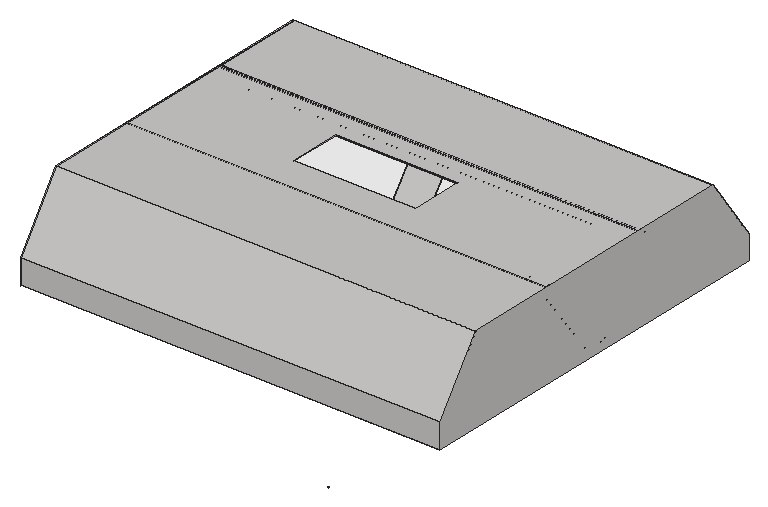
Revit family "QF_ELECTROLUXPROFESSIONAL_642370_BC2224DT", category Attrezzature speciali, Revit 2021
Family settings
  Quota connettore circolare = Usa diametro
  Tipo di parte = Normale
  Basato su piano di lavoro = No
  Sempre verticale = Sì
  Taglio con vuoti quando caricato = No
  Condiviso = No
  Punto di calcolo locali = No
Parameters (values of type "Standard")
  Weight = 93.00 kg
  Watts = 0 W
  Volts = 0 V
  URL Manufacturer = "https://www.electroluxprofessional.com/"
  URL = "https://www.electroluxprofessional.com/"
  Steam Supply Size = 0 mm
  Steam Supply Minimum Pressure = 0.0 Pa
  Steam Supply Maximum Pressure = 0.0 Pa
  Steam Consumption per Hour = 0
  Refrigeration Suction Line Size = 0 mm
  Refrigeration Liquid Line Size = 0 mm
  Refrigerant Compressor Remote = yes
  Prospetto di default = 0 mm
  Produttore = "Electrolux Professional"
  Phase = 0
  Modello = "BC2224DT"
  Length Actual = 2400 mm  # constant formula
  Item Number = "642370"
  Hot Water Size = 0 mm
  Height Actual = 500 mm  # constant formula
  HP = "0 HP"
  Gas Size = 0 mm
  Gas KW = 0
  Gas Input Pressure = 0 W
  Direct Waste Size = 0 mm
  Descrizione = "304 S/S ISLAND HOOD+FILTERS 2400X2200MM"
  Depth Actual = 2200 mm  # constant formula
  Cycle = 0 Hz
  Condensate Return Size = 0 mm
  Compressed Air Volume = 0.0 L/s
  Compressed Air Size = 0 mm
  Compressed Air Pressure = 0.0 Pa
  Cold Water Size = 0 mm
  Accessory = yes
Reference planes
  plane 1: z = 0
  plane 2 "Center (Left/Right)": x = 150
  plane 3 "LEFT": x = -1050
  plane 4 "RIGHT": x = 1350
  plane 5 "BACK": y = 550
  plane 6 "TOP": z = 2500
  plane 7 "Base": z = 2000
  plane 8: z = 1946
  plane 9: x = -1047
  plane 10 "DrainX": x = 1199
  plane 11 "AOLeft2": x = 450
  plane 12: x = 1347
  plane 13: x = -850
  plane 14: x = 1150
  plane 15: x = 50
  plane 16: x = 250
  plane 17 "AOLeft1": x = -250
  plane 18: y = -400
  plane 19: y = -700
  plane 20 "Center (Front/Back)": y = -550
  plane 21: y = -1650
  plane 22: through (0, -601.379, 2046.209) normal (0, 0.8019, 0.5974)
  plane 23: through (0, -498.621, 2046.209) normal (0, 0.8019, -0.5974)
  plane 24: z = 2140
Forms (mm)
  Extrusion 1, solid, material "QF_Finishes_Stainless Steel"
    sketch origin (-1050, 0, 360) x (0, 1, 0) y (0, 0, 1)
      loop
        line (550, 1640) -> (550, 1780) -> (299.446, 2140) -> (-1399.446, 2140) -> (-1650, 1780) -> (-1650, 1640) -> (550, 1640)
    from 0 to 3
  Extrusion 2, solid, material "QF_Finishes_Stainless Steel"
    sketch origin (1350, 0, 360) x (0, 1, 0) y (0, 0, 1)
      loop
        line (550, 1640) -> (550, 1780) -> (299.446, 2140) -> (-1399.446, 2140) -> (-1650, 1780) -> (-1650, 1640) -> (550, 1640)
    from 0 to -3
  Extrusion 3, solid, material "QF_Finishes_Stainless Steel"
    sketch origin (150, 0, 360) x (0, 1, 0) y (0, 0, 1)
      loop
        line (-1399.446, 2140) -> (-1650, 1780) -> (-1650, 1640) -> (-1640, 1640) -> (-1640, 1640.8) -> (-1649.2, 1640.8) -> (-1649.2, 1779.739) -> (-1399.025, 2139.19) -> (299.025, 2139.19) -> (549.2, 1779.739) -> (549.2, 1640.8) -> (540, 1640.8) -> (540, 1640) -> (550, 1640) -> (550, 1780) -> (299.446, 2140) -> (-1399.446, 2140)
    from -1200 to 1200
  Extrusion 4, void
    sketch origin (0, 0, 2500) x (0, 1, 0) y (-1, 0, 0)
      loop
        line (-400, -450) -> (-400, 250) -> (-700, 250) -> (-700, -450) -> (-400, -450)
    from 0 to -10
  Extrusion 5, solid, material "QF_Finishes_Stainless Steel"
    sketch origin (0, 0, 0) x (1, 0, 0) y (0, 1, 0)
      loop
        line (-1050, 550) -> (-1050, 549) -> (-1049, 549) -> (-1049, 550) -> (-1050, 550)
    from 0 to 1
  Extrusion 6, solid, material "QF_Finishes_Stainless Steel"
    sketch origin (150, -400, 360) x (0, 1, 0) y (0, 0, 1)
      loop
        line (-498.883, 2085.553) -> (-201.379, 1686.209) -> (-185.34, 1698.157) -> (-482.844, 2097.501) -> (-498.883, 2085.553)
      loop
        line (198.883, 2085.553) -> (182.844, 2097.501) -> (-114.66, 1698.157) -> (-98.621, 1686.209) -> (198.883, 2085.553)
    from -1000 to -1197
  Extrusion 7, solid, material "QF_Finishes_Stainless Steel"
    sketch origin (150, -400, 360) x (0, 1, 0) y (0, 0, 1)
      loop
        arc (-83.944, 1704.554) -> (-84.545, 1704.706) -> (-85.077, 1704.389) r 0.81
        line (-85.077, 1704.389) -> (-99.535, 1684.991) -> (-116.611, 1687.002) -> (-113.609, 1712.615) -> (-114.407, 1712.708) -> (-117.406, 1687.095)
        arc (-117.406, 1687.095) -> (-117.237, 1686.499) -> (-116.695, 1686.197) r 0.81
        line (-116.695, 1686.197) -> (-99.628, 1684.196)
        arc (-99.628, 1684.196) -> (-99.213, 1684.257) -> (-98.884, 1684.517) r 0.81
        line (-98.884, 1684.517) -> (-84.436, 1703.911) -> (-73.692, 1695.919) -> (-99.855, 1660.79) -> (-200.145, 1660.79) -> (-226.308, 1695.919) -> (-215.564, 1703.911) -> (-201.116, 1684.517)
        arc (-201.116, 1684.517) -> (-200.787, 1684.257) -> (-200.372, 1684.196) r 0.81
        line (-200.372, 1684.196) -> (-183.305, 1686.197)
        arc (-183.305, 1686.197) -> (-182.763, 1686.499) -> (-182.594, 1687.095) r 0.81
        line (-182.594, 1687.095) -> (-185.593, 1712.708) -> (-186.391, 1712.615) -> (-183.389, 1687.002) -> (-200.465, 1684.991) -> (-214.923, 1704.389)
        arc (-214.923, 1704.389) -> (-215.455, 1704.706) -> (-216.056, 1704.554) r 0.81
        line (-216.056, 1704.554) -> (-226.786, 1696.561)
        arc (-226.786, 1696.561) -> (-227.103, 1696.028) -> (-226.951, 1695.427) r 0.81
        line (-226.951, 1695.427) -> (-200.843, 1660.381)
        arc (-200.843, 1660.381) -> (-200.5, 1660.093) -> (-200.063, 1659.99) r 0.972
        line (-200.063, 1659.99) -> (-99.951, 1659.99)
        arc (-99.951, 1659.99) -> (-99.502, 1660.096) -> (-99.149, 1660.393) r 1
        line (-99.149, 1660.393) -> (-73.049, 1695.427)
        arc (-73.049, 1695.427) -> (-72.897, 1696.028) -> (-73.214, 1696.561) r 0.81
        line (-73.214, 1696.561) -> (-83.944, 1704.554)
      loop
        line (-492.735, 2139.19) -> (-492.735, 2129.205) -> (-517.587, 2110.686)
        arc (-517.587, 2110.686) -> (-517.904, 2110.153) -> (-517.752, 2109.552) r 0.81
        line (-517.752, 2109.552) -> (-484.894, 2065.446) -> (-495.625, 2057.438) -> (-495.147, 2056.796) -> (-484.418, 2064.79)
        arc (-484.418, 2064.79) -> (-484.1, 2065.322) -> (-484.252, 2065.923) r 0.81
        line (-484.252, 2065.923) -> (-517.117, 2110.038) -> (-491.935, 2128.798) -> (-491.935, 2138.4) -> (-462.776, 2138.4) -> (-462.776, 2070.563) -> (-461.976, 2069.49) -> (-461.976, 2139.19) -> (-492.735, 2139.19)
      loop
        line (192.735, 2139.19) -> (161.976, 2139.19) -> (161.976, 2069.49) -> (162.776, 2070.563) -> (162.776, 2138.4) -> (191.935, 2138.4) -> (191.935, 2128.798) -> (217.117, 2110.038) -> (184.252, 2065.923)
        arc (184.252, 2065.923) -> (184.1, 2065.322) -> (184.418, 2064.79) r 0.81
        line (184.418, 2064.79) -> (195.147, 2056.796) -> (195.625, 2057.438) -> (184.894, 2065.446) -> (217.752, 2109.552)
        arc (217.752, 2109.552) -> (217.904, 2110.153) -> (217.587, 2110.686) r 0.81
        line (217.587, 2110.686) -> (192.735, 2129.205) -> (192.735, 2139.19)
    from -1197 to 1197
  Extrusion 8, solid, material "QF_Finishes_Stainless Steel"
    sketch origin (150, -400, 360) x (0, 1, 0) y (0, 0, 1)
      loop
        line (-498.883, 2085.553) -> (-201.379, 1686.209) -> (-185.34, 1698.157) -> (-482.844, 2097.501) -> (-498.883, 2085.553)
      loop
        line (198.883, 2085.553) -> (182.844, 2097.501) -> (-114.66, 1698.157) -> (-98.621, 1686.209) -> (198.883, 2085.553)
    from 1197 to 1000
  Extrusion 9, solid, material "QF_Finishes_Stainless Steel"
    sketch origin (150, -400, 360) x (0, 1, 0) y (0, 0, 1)
      loop
        line (-498.883, 2085.553) -> (-201.379, 1686.209) -> (-185.34, 1698.157) -> (-482.844, 2097.501) -> (-498.883, 2085.553)
      loop
        line (198.883, 2085.553) -> (182.844, 2097.501) -> (-114.66, 1698.157) -> (-98.621, 1686.209) -> (198.883, 2085.553)
    from -100 to 100
  Extrusion 10, solid, material "QF_Finished_Chrome"
    sketch origin (150, -400, 360) x (0, 1, 0) y (0, 0, 1)
      loop
        line (-498.883, 2085.553) -> (-201.379, 1686.209) -> (-185.34, 1698.157) -> (-482.844, 2097.501) -> (-498.883, 2085.553)
      loop
        line (198.883, 2085.553) -> (182.844, 2097.501) -> (-114.66, 1698.157) -> (-98.621, 1686.209) -> (198.883, 2085.553)
    from -1000 to -100
  Extrusion 11, solid, material "QF_Finished_Chrome"
    sketch origin (150, -400, 360) x (0, 1, 0) y (0, 0, 1)
      loop
        line (-498.883, 2085.553) -> (-201.379, 1686.209) -> (-185.34, 1698.157) -> (-482.844, 2097.501) -> (-498.883, 2085.553)
      loop
        line (198.883, 2085.553) -> (182.844, 2097.501) -> (-114.66, 1698.157) -> (-98.621, 1686.209) -> (198.883, 2085.553)
    from 100 to 1000
  Sweep 12, solid, material "QF_Finishes_Stainless Steel"
    path origin (0, 0, 0) x (1, 0, 0) y (0, 1, 0)
      loop
        line (1350, 550) -> (-1050, 550) -> (-1050, -1650) -> (1350, -1650) -> (1350, 550)
    profile origin (1350, -550, 0) x (1, 0, 0) y (0, 0, 1)
      loop
        line (-3, 2000) -> (-3, 2000.8) -> (-19, 2000.8) -> (-19, 2010) -> (-20, 2010) -> (-20, 2000) -> (-3, 2000)
  Extrusion 13, solid, material "QF_Finishes_Stainless Steel"
    sketch origin (1199, 0, 0) x (0, 1, 0) y (0, 0, 1)
      loop
        arc (-518.5, 1946) -> (-511.429, 1948.929) -> (-508.5, 1956) r 10
        line (-508.5, 1956) -> (-508.5, 2000.8) -> (-591.5, 2000.8) -> (-591.5, 1956)
        arc (-591.5, 1956) -> (-588.571, 1948.929) -> (-581.5, 1946) r 10
        line (-581.5, 1946) -> (-518.5, 1946)
    from -90 to 90
  Extrusion 14, solid, material "QF_Finishes_Stainless Steel"
    sketch origin (0, -1100, 2000) x (0, 1, 0) y (-1, 0, 0)
      loop
        circle (550, -1199) r 6.35
    from -3.799 to 0
Cuts and joins
  Extrusion 4 cuts Extrusion 3
  joined: Extrusion 2, Extrusion 3, Sweep 12
Lines and regions (mm)
  symbolic lines, style "SpecialityEquipment", detail levels coarse
    curve 1: line (1350, 550, 2500) -> (-1050, 550, 2500)
    curve 2: line (-1050, 550, 2500) -> (-1050, -1650, 2500)
    curve 3: line (1350, -1650, 2500) -> (1350, 550, 2500)
    curve 4: line (-1050, 299.025, 0) -> (1349.504, -1399.025, 0)
    curve 5: line (1349.568, 299.025, 0) -> (-1050, -1399.025, 0)
  symbolic lines, detail levels coarse
    curve 6: line (-250, -700, 0) -> (450, -700, 0)
    curve 7: line (-250, -400, 0) -> (-250, -700, 0)
    curve 8: line (450, -400, 0) -> (-250, -400, 0)
    curve 9: line (450, -700, 0) -> (450, -400, 0)
    curve 10: line (-1050, 299.025, 0) -> (1349.568, 299.025, 0)
    curve 11: line (1349.504, -1399.025, 0) -> (-1050, -1399.025, 0)
    curve 12: line (-1050, -1650, 0) -> (1350, -1650, 0)
Dimensions and locks
  plane 3 "LEFT" to plane 4 "RIGHT" = 2400 mm
  equal spacing: plane 3 "LEFT", plane 2 "Center (Left/Right)", plane 4 "RIGHT"
  plane 3 "LEFT" to plane 9 = 3 mm
  plane 10 "DrainX" to plane 4 "RIGHT" = 151 mm
  plane 12 to plane 4 "RIGHT" = 3 mm
  plane 3 "LEFT" to plane 13 = 200 mm
  plane 14 to plane 4 "RIGHT" = 200 mm
  locked: plane 7 "Base" to level at 2000
  locked: plane 15 to plane 16 at 200
  equal spacing: plane 15, plane 2 "Center (Left/Right)", plane 16
  plane 7 "Base" to plane 8 = 54 mm
  locked: plane 6 "TOP" to plane 7 "Base" at 500
  plane 5 "BACK" to plane 21 = 2200 mm  (x2)
  equal spacing: plane 5 "BACK", plane 20 "Center (Front/Back)", plane 21
  plane 19 to plane 18 = 300 mm
  equal spacing: plane 19, plane 20 "Center (Front/Back)", plane 18
  plane 24 to plane 7 "Base" = 140 mm
  locked: plane 17 "AOLeft1" to plane 11 "AOLeft2" at 700
  aligned and locked: level to plane 1
  aligned and locked: plane 4 "RIGHT" to Extrusion 3
  aligned and locked: Extrusion 3 to plane 3 "LEFT"
  aligned and locked: Extrusion 6 to plane 9
  aligned and locked: plane 13 to Extrusion 6
  aligned and locked: Extrusion 2 to plane 12
  aligned and locked: plane 12 to Extrusion 8
  aligned and locked: Extrusion 8 to plane 14
  aligned and locked: plane 16 to Extrusion 9
  aligned and locked: Extrusion 9 to plane 15
  aligned and locked: plane 15 to Extrusion 10
  aligned and locked: Extrusion 10 to plane 13
  aligned and locked: Extrusion 11 to plane 16
  aligned and locked: Extrusion 11 to plane 14
  aligned and locked: Extrusion 7 to plane 9
  aligned and locked: plane 12 to Extrusion 7
  aligned and locked: Extrusion 4 to plane 17 "AOLeft1"
  aligned and locked: Extrusion 4 to plane 11 "AOLeft2"
  aligned and locked: plane 19 to Extrusion 4
  aligned and locked: plane 18 to Extrusion 4
Automatic sketch dimensions
  Extrusion 4 sketch curve to plane 11 "AOLeft2" = 0 mm
  Extrusion 4 sketch curve to plane 17 "AOLeft1" = 0 mm
  Extrusion 5 sketch curve to plane 3 "LEFT" = 0 mm
  Extrusion 5 sketch curve to plane 5 "BACK" = 0 mm
  plane 3 "LEFT" to Extrusion 5 sketch curve = 1 mm
  Extrusion 5 sketch curve to Extrusion 5 sketch curve = 1 mm
  Sweep 12 sketch curve to plane 3 "LEFT" = 0 mm
  Sweep 12 sketch curve to plane 4 "RIGHT" = 0 mm
  Sweep 12 sketch curve to plane 5 "BACK" = 0 mm
  profile plane to Sweep 12 sketch curve = 20 mm
  Sweep 12 sketch curve to Sweep 12 sketch curve = 1 mm
  profile plane to Sweep 12 sketch curve = 3 mm
  level to Sweep 12 sketch curve = 2000 mm
  Sweep 12 sketch curve to Sweep 12 sketch curve = 0.8 mm
  Sweep 12 sketch curve to Sweep 12 sketch curve = 9.2 mm
  plane 19 to Extrusion 2 sketch curve = 699.446 mm
  plane 19 to Sweep 12 sketch curve = 950 mm
  plane 19 to Extrusion 4 sketch curve = 0 mm
  Extrusion 4 sketch curve to plane 18 = 0 mm
  Extrusion 14 sketch curve to plane 10 "DrainX" = 0 mm
  Extrusion 14 sketch curve to plane 20 "Center (Front/Back)" = 0 mm
  Extrusion 13 sketch curve to plane 8 = 0 mm
  plane 8 to Extrusion 13 sketch curve = 10 mm
  Extrusion 13 sketch curve to plane 20 "Center (Front/Back)" = 41.5 mm
  plane 20 "Center (Front/Back)" to Extrusion 13 sketch curve = 31.5 mm
  plane 7 "Base" to Extrusion 13 sketch curve = 0.8 mm
  plane 20 "Center (Front/Back)" to Extrusion 13 sketch curve = 41.5 mm
  plane 19 to Extrusion 6 sketch curve = 198.883 mm
  Extrusion 6 sketch curve to plane 6 "TOP" = 42.499 mm  (x2)
  Extrusion 6 sketch curve to Extrusion 6 sketch curve = 16.039 mm  (x2)
  Extrusion 6 sketch curve to plane 20 "Center (Front/Back)" = 51.379 mm
  plane 20 "Center (Front/Back)" to Extrusion 6 sketch curve = 35.34 mm
  plane 18 to Extrusion 6 sketch curve = 182.844 mm
  Extrusion 6 sketch curve to Extrusion 6 sketch curve = 11.948 mm  (x2)
  Extrusion 7 sketch curve to plane 6 "TOP" = 30.448 mm  (x2)
  plane 19 to Extrusion 7 sketch curve = 217.752 mm
  Extrusion 7 sketch curve to plane 6 "TOP" = 29.314 mm  (x2)
  Extrusion 7 sketch curve to Extrusion 7 sketch curve = 0.166 mm  (x3)
  Extrusion 7 sketch curve to plane 6 "TOP" = 29.962 mm  (x2)
  Extrusion 7 sketch curve to Extrusion 7 sketch curve = 0.47 mm  (x2)
  Extrusion 7 sketch curve to Extrusion 7 sketch curve = 0.014 mm  (x2)
  Extrusion 7 sketch curve to plane 6 "TOP" = 82.562 mm  (x2)
  Extrusion 7 sketch curve to Extrusion 7 sketch curve = 22.127 mm
  Extrusion 7 sketch curve to plane 6 "TOP" = 83.204 mm  (x2)
  Extrusion 7 sketch curve to Extrusion 7 sketch curve = 0.478 mm  (x5)
  Extrusion 7 sketch curve to plane 6 "TOP" = 0.81 mm  (x2)
  Extrusion 7 sketch curve to Extrusion 7 sketch curve = 24.852 mm
  Extrusion 7 sketch curve to Extrusion 7 sketch curve = 0.8 mm  (x5)
  Extrusion 7 sketch curve to Extrusion 7 sketch curve = 10.724 mm
  Extrusion 7 sketch curve to plane 6 "TOP" = 74.554 mm  (x2)
  Extrusion 7 sketch curve to Extrusion 7 sketch curve = 0.008 mm  (x6)
  Extrusion 7 sketch curve to plane 6 "TOP" = 75.21 mm  (x2)
  Extrusion 7 sketch curve to plane 6 "TOP" = 74.077 mm  (x2)
  Extrusion 7 sketch curve to Extrusion 7 sketch curve = 0.642 mm  (x2)
  Extrusion 7 sketch curve to plane 6 "TOP" = 69.437 mm  (x2)
  Extrusion 7 sketch curve to Extrusion 7 sketch curve = 21.476 mm  (x2)
  Extrusion 7 sketch curve to plane 19 = 73.049 mm
  Extrusion 7 sketch curve to Extrusion 7 sketch curve = 0.006 mm  (x4)
  Extrusion 7 sketch curve to Extrusion 7 sketch curve = 10.73 mm  (x3)
  Extrusion 7 sketch curve to Extrusion 7 sketch curve = 0.484 mm  (x4)
  Extrusion 7 sketch curve to Extrusion 7 sketch curve = 0.641 mm  (x2)
  Extrusion 7 sketch curve to Extrusion 7 sketch curve = 14.448 mm
  plane 7 "Base" to Extrusion 7 sketch curve = 20.381 mm
  Extrusion 7 sketch curve to Extrusion 7 sketch curve = 0.273 mm
  Extrusion 7 sketch curve to Extrusion 7 sketch curve = 0.65 mm  (x2)
  Extrusion 7 sketch curve to Extrusion 7 sketch curve = 0.001 mm  (x4)
  Extrusion 7 sketch curve to Extrusion 7 sketch curve = 0.093 mm  (x2)
  plane 7 "Base" to Extrusion 7 sketch curve = 20.79 mm
  Extrusion 7 sketch curve to Extrusion 7 sketch curve = 0.698 mm
  Extrusion 7 sketch curve to Extrusion 7 sketch curve = 0.081 mm
  Extrusion 7 sketch curve to Extrusion 7 sketch curve = 28.531 mm
  Extrusion 7 sketch curve to Extrusion 7 sketch curve = 0.799 mm  (x2)
  Extrusion 7 sketch curve to Extrusion 7 sketch curve = 17.067 mm  (x2)
  Extrusion 7 sketch curve to Extrusion 7 sketch curve = 0.01 mm  (x4)
  Extrusion 7 sketch curve to Extrusion 7 sketch curve = 0.094 mm
  Extrusion 7 sketch curve to Extrusion 7 sketch curve = 0.795 mm  (x2)
  plane 20 "Center (Front/Back)" to Extrusion 7 sketch curve = 32.594 mm
  Extrusion 7 sketch curve to Extrusion 7 sketch curve = 0.71 mm
  Extrusion 7 sketch curve to Extrusion 7 sketch curve = 2.998 mm
  Extrusion 7 sketch curve to Extrusion 7 sketch curve = 16.745 mm
  Extrusion 7 sketch curve to Extrusion 7 sketch curve = 0.095 mm
  plane 7 "Base" to Extrusion 7 sketch curve = 20.393 mm
  Extrusion 7 sketch curve to Extrusion 7 sketch curve = 0.707 mm
  Extrusion 7 sketch curve to Extrusion 7 sketch curve = 0.651 mm
  Extrusion 7 sketch curve to Extrusion 7 sketch curve = 14.456 mm
  Extrusion 7 sketch curve to plane 6 "TOP" = 70.51 mm  (x2)
  plane 18 to Extrusion 7 sketch curve = 161.976 mm
  Extrusion 7 sketch curve to plane 6 "TOP" = 1.6 mm
  Extrusion 7 sketch curve to Extrusion 7 sketch curve = 29.159 mm
  Extrusion 7 sketch curve to Extrusion 7 sketch curve = 24.368 mm
  Extrusion 7 sketch curve to Extrusion 7 sketch curve = 0.636 mm
  Extrusion 7 sketch curve to Extrusion 7 sketch curve = 23.206 mm
  Extrusion 7 sketch curve to Extrusion 7 sketch curve = 23.234 mm
  Extrusion 7 sketch curve to Extrusion 7 sketch curve = 0.321 mm  (x2)
  Extrusion 7 sketch curve to Extrusion 7 sketch curve = 2.001 mm  (x2)
  Extrusion 7 sketch curve to Extrusion 7 sketch curve = 0.804 mm  (x2)
  Extrusion 7 sketch curve to Extrusion 7 sketch curve = 10.911 mm  (x2)
  Extrusion 7 sketch curve to Extrusion 7 sketch curve = 7.993 mm  (x2)
  Extrusion 7 sketch curve to Extrusion 7 sketch curve = 25.613 mm  (x2)
  Extrusion 7 sketch curve to Extrusion 7 sketch curve = 0.407 mm  (x2)
  Extrusion 7 sketch curve to Extrusion 7 sketch curve = 0.79 mm
  Extrusion 3 sketch curve to plane 7 "Base" = 0 mm  (x2)
  Extrusion 3 sketch curve to plane 21 = 0 mm
  Extrusion 3 sketch curve to plane 5 "BACK" = 0 mm
  plane 21 to Extrusion 3 sketch curve = 0.8 mm
  plane 7 "Base" to Extrusion 3 sketch curve = 0.8 mm  (x2)
  Extrusion 3 sketch curve to Extrusion 3 sketch curve = 9.2 mm
  plane 21 to Extrusion 3 sketch curve = 250.554 mm
  Extrusion 3 sketch curve to Extrusion 3 sketch curve = 0.421 mm  (x2)
  Extrusion 3 sketch curve to plane 6 "TOP" = 0.81 mm
  Extrusion 3 sketch curve to plane 5 "BACK" = 250.975 mm
  Extrusion 3 sketch curve to plane 5 "BACK" = 10 mm
  Extrusion 3 sketch curve to plane 5 "BACK" = 0.8 mm
  Extrusion 3 sketch curve to Extrusion 3 sketch curve = 138.939 mm  (x2)
  Extrusion 3 sketch curve to Extrusion 3 sketch curve = 0.261 mm  (x2)
  Extrusion 3 sketch curve to plane 6 "TOP" = 0 mm
  Extrusion 1 sketch curve to plane 7 "Base" = 0 mm
  Extrusion 1 sketch curve to plane 21 = 0 mm
  Extrusion 1 sketch curve to plane 6 "TOP" = 0 mm
  Extrusion 1 sketch curve to plane 5 "BACK" = 0 mm
  Extrusion 1 sketch curve to plane 5 "BACK" = 250.554 mm
  plane 7 "Base" to Extrusion 1 sketch curve = 140 mm
  Extrusion 1 sketch curve to Extrusion 1 sketch curve = 140 mm
  plane 21 to Extrusion 1 sketch curve = 250.554 mm
  Extrusion 2 sketch curve to plane 5 "BACK" = 250.554 mm
  plane 7 "Base" to Extrusion 2 sketch curve = 140 mm  (x2)
  Extrusion 2 sketch curve to plane 7 "Base" = 0 mm
  plane 21 to Extrusion 2 sketch curve = 0 mm
  Extrusion 2 sketch curve to plane 6 "TOP" = 0 mm
  Extrusion 2 sketch curve to plane 5 "BACK" = 0 mm
  plane 19 to Extrusion 10 sketch curve = 198.883 mm
  Extrusion 10 sketch curve to plane 6 "TOP" = 42.499 mm  (x2)
  Extrusion 10 sketch curve to Extrusion 10 sketch curve = 16.039 mm  (x2)
  Extrusion 10 sketch curve to plane 20 "Center (Front/Back)" = 51.379 mm
  plane 20 "Center (Front/Back)" to Extrusion 10 sketch curve = 35.34 mm
  plane 18 to Extrusion 10 sketch curve = 182.844 mm
  Extrusion 10 sketch curve to Extrusion 10 sketch curve = 11.948 mm  (x2)
  plane 19 to Extrusion 9 sketch curve = 198.883 mm
  Extrusion 9 sketch curve to plane 6 "TOP" = 42.499 mm  (x2)
  Extrusion 9 sketch curve to Extrusion 9 sketch curve = 16.039 mm  (x2)
  Extrusion 9 sketch curve to plane 20 "Center (Front/Back)" = 51.379 mm
  plane 20 "Center (Front/Back)" to Extrusion 9 sketch curve = 35.34 mm
  plane 18 to Extrusion 9 sketch curve = 182.844 mm
  Extrusion 9 sketch curve to Extrusion 9 sketch curve = 11.948 mm  (x2)
  plane 19 to Extrusion 11 sketch curve = 198.883 mm
  Extrusion 11 sketch curve to plane 6 "TOP" = 42.499 mm  (x2)
  Extrusion 11 sketch curve to Extrusion 11 sketch curve = 16.039 mm  (x2)
  Extrusion 11 sketch curve to plane 20 "Center (Front/Back)" = 51.379 mm
  plane 20 "Center (Front/Back)" to Extrusion 11 sketch curve = 35.34 mm
  plane 18 to Extrusion 11 sketch curve = 182.844 mm
  Extrusion 11 sketch curve to Extrusion 11 sketch curve = 11.948 mm  (x2)
  plane 19 to Extrusion 8 sketch curve = 198.883 mm
  Extrusion 8 sketch curve to plane 6 "TOP" = 42.499 mm  (x2)
  Extrusion 8 sketch curve to Extrusion 8 sketch curve = 16.039 mm  (x2)
  Extrusion 8 sketch curve to plane 20 "Center (Front/Back)" = 51.379 mm
  plane 20 "Center (Front/Back)" to Extrusion 8 sketch curve = 35.34 mm
  plane 18 to Extrusion 8 sketch curve = 182.844 mm
  Extrusion 8 sketch curve to Extrusion 8 sketch curve = 11.948 mm  (x2)
  curve 2 to plane 3 "LEFT" = 0 mm
  curve 2 to plane 21 = 0 mm
  curve 3 to plane 4 "RIGHT" = 0 mm
  curve 2 to plane 5 "BACK" = 0 mm
  plane 21 to curve 3 = 0 mm
  curve 12 to plane 3 "LEFT" = 0 mm
  curve 11 to plane 3 "LEFT" = 0 mm
  curve 10 to plane 3 "LEFT" = 0 mm
  curve 6 to plane 17 "AOLeft1" = 0 mm
  curve 9 to plane 11 "AOLeft2" = 0 mm
  curve 12 to plane 4 "RIGHT" = 0 mm
  curve 12 to plane 21 = 0 mm
  plane 19 to curve 6 = 0 mm
  curve 9 to plane 18 = 0 mm
  curve 11 to plane 4 "RIGHT" = 0.496 mm
  curve 5 to plane 4 "RIGHT" = 0.432 mm
  plane 21 to curve 4 = 250.975 mm
  curve 10 to plane 5 "BACK" = 250.975 mm
  radius of Extrusion 14 sketch curve = 6.35 mm
Connectors
  hvac at (100, -550, 2500)
    settings: on Extrusion 4, index 2, duct flow 0.0 L/s, flow factor 0, pres drop 0.0 Pa, loss coef 0, conn angle 0.00°, conn width 300 mm, conn height 0 mm, conn diameter 609.6 mm, duct sys type 3, conn prof type 1, flow config 1, flow direction 2, loss method 0, conn ref index -1, conn util no, is conn primary yes, conn desc "EXHAUST OUTLET"
  piping at (1199, -550, 1996.201), diameter 12.7
    settings: on Extrusion 14, index 4, connector inside diameter 609.6 mm, connector length 0 mm, flow factor 0, pipe flow 0.0 L/s, pressure drop 0.0 Pa, fitting loss kfactor 0, connector angle 0.00°, fixture units 0, engagement length 0 mm, angle of deflection 0.00°, flow configuration 1, flow direction 2, fitting loss method 0, system type 16, joint type 0, gender type 0, connector reference index -1, connector utility 0, adjustable connector no, is connector primary yes, connector description "Drain"
